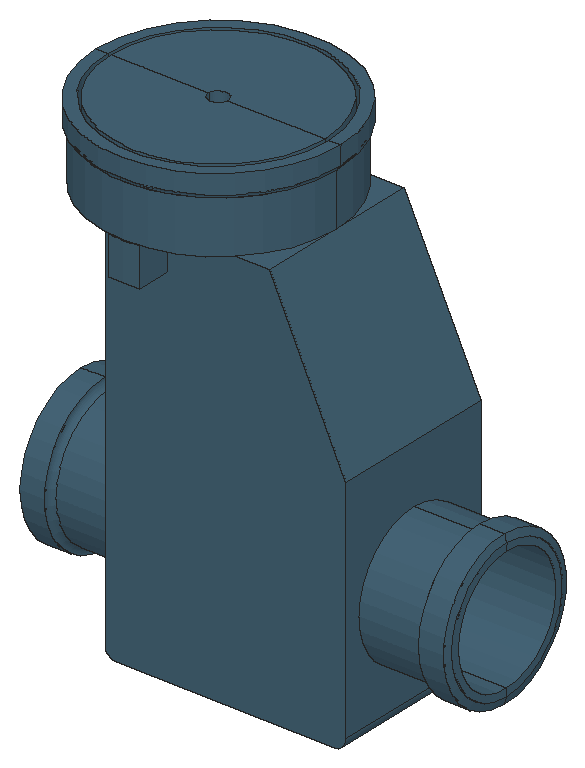
Revit family "Backwater-Valve_Zurn-Z1088", category Plumbing Fixtures, Revit 2022
Family settings
  Round Connector Dimension = Use Radius
  Part Type = Normal
  OmniClass Number = 23.45.55.21
  OmniClass Title = Drains (Wastes)
  Work Plane-Based = No
  Always vertical = Yes
  Cut with Voids When Loaded = No
  Maintain Annotation Orientation = No
  Shared = No
  Room Calculation Point = No
Parameters (values of type "Z1088_4 HB X 4 HB")
  Width = DIM_C - 2.500"  # 5.500"
  Waste Connection = 1 = 1  # yes
  WFU = 1  # constant formula
  Vent Connection = 1 = 0  # no
  URL = "http://zurn.com"
  Top Slot Outer Diamter = DIM_C - 0.750"  # 7.250"
  Top Slot Inside Diamter = Top Slot Outer Diamter - 0.250"  # 7.000"
  Product data url = "https://www.bimobject.com/en-in/zurnindustries/product/zurn-z1088"
  Product Page URL = "https://www.zurn.com/products/drainage-interceptors/backwater-valves-traps-primers/z1088"
  Product Installation Sheet URL = "https://files.zurn.com/care-cleaning-install-warranty-sheets/t4-(1).pdf"
  Product Documentation Link = "https://files.zurn.com/spec-sheets/z1088.pdf"
  Pipe Size_A Outer Diameter = 4.500"
  Pipe Size_A Inside Diameter = 4.026"
  Hub-Right = yes
  Hub-Left = yes
  Hub Outer Diamter = 5.000"
  DIM_M/2 = DIM_M / 2  # 7.875"
  DIM_Length_For Masking Region = 3.000"
  DIM_C_For Masking Region = DIM_C + 0.250"  # 8.250"
  DIM_C-0.25 = DIM_C - 0.250"  # 7.750"
  Approx. Weight (Lbs) = 80.000 lbf
  DIM_M = 15.750"
  DIM_E = 12.000"
  DIM_C = 8.000"
  Connector Radius = Pipe Size_A Nominal Diameter / 2  # 2.000"
  Pipe Size_A Nominal Diameter = 4.000"
  Modified Date = "02/20/2026"  # constant formula
  Model = "Z1088"  # constant formula
  Manufacturer Brand = "Zurn"  # constant formula
  Manufacturer = "Zurn Water, LLC"  # constant formula
  Main Material = Iron - Zurn - Cast - Painted - Blue
  Length (G) = 14.000"
  HWFU = 0  # constant formula
  HW Connection = 1 = 0  # no
  Description = "BACKWATER VALVE GATE TYPE"  # constant formula
  Default Elevation = 20.000"  # constant formula
  Date Created = "11/13/2018"  # constant formula
  CWFU = 0  # constant formula
  CW Connection = 1 = 0  # no
  Assembly Code = "D2040100"
Types (6): name | Width | Top Slot Outer Diamter | Top Slot Inside Diamter | Pipe Size_A Outer Diameter | Pipe Size_A Inside Diameter | Hub-Right | Hub-Left | Hub Outer Diamter | DIM_M/2 | DIM_Length_For Masking Region | DIM_C_For Masking Region | DIM_C-0.25 | Approx. Weight (Lbs) | DIM_M | DIM_E | DIM_C | Connector Radius | Pipe Size_A Nominal Diameter | Length (G)
  Z1088_4 HB X 4 HB | 5.500" | 7.250" | 7.000" | 4.500" | 4.026" | yes | yes | 5.000" | 7.875" | 3.000" | 8.250" | 7.750" | 80.000 lbf | 15.750" | 12.000" | 8.000" | 2.000" | 4.000" | 14.000"
  Z1088_6 HB X 6 HB | 8.000" | 9.750" | 9.500" | 6.625" | 6.065" | yes | yes | 7.126" | 9.500" | 3.188" | 10.750" | 10.250" | 120.000 lbf | 19.000" | 14.500" | 10.500" | 3.000" | 6.000" | 16.000"
  Z1088_4 HB X 4 NH | 5.500" | 7.250" | 7.000" | 4.500" | 4.026" | no | yes | 5.000" | 7.875" | 5.000" | 8.250" | 7.750" | 80.000 lbf | 15.750" | 12.000" | 8.000" | 2.000" | 4.000" | 18.000"
  Z1088_6 HB X 6 NH | 8.000" | 9.750" | 9.500" | 6.625" | 6.065" | no | yes | 7.126" | 9.500" | 5.188" | 10.750" | 10.250" | 120.000 lbf | 19.000" | 14.500" | 10.500" | 3.000" | 6.000" | 20.000"
  Z1088_4 NH X 4 NH | 5.500" | 7.250" | 7.000" | 4.500" | 4.026" | no | no | 5.000" | 7.875" | 5.000" | 8.250" | 7.750" | 80.000 lbf | 15.750" | 12.000" | 8.000" | 2.000" | 4.000" | 18.000"
  Z1088_6 NH X 6 NH | 8.000" | 9.750" | 9.500" | 6.625" | 6.065" | no | no | 7.126" | 9.500" | 3.188" | 10.750" | 10.250" | 120.000 lbf | 19.000" | 14.500" | 10.500" | 3.000" | 6.000" | 16.000"
Reference planes (in)
  plane 1 "Center (Front/Back)": y = 0
  plane 2 "01": z = -2.5
  plane 3 "Center (Left/Right)": x = -2.78775
  plane 4 "Front": y = -7.5
  plane 5 "Back": y = 7.5
  plane 6: z = 0
  plane 7: x = -6.78775
  plane 8: x = 1.21225
  plane 9: z = -0.5
  plane 10: z = -0.625
  plane 11: x = -3.10025
  plane 12: x = -2.47525
  plane 13: x = 1.08725
  plane 14: x = -4.53775
  plane 15: x = -6.66275
  plane 16: z = -15.75
  plane 17: z = -7.875
  plane 18: y = 2.75
  plane 19: y = -2.75
  plane 20: z = -12
  plane 21 "Left Plane": x = -7.34975
  plane 22 "Right Plane": x = 6.65025
  plane 23: x = -0.34975
  plane 24: x = 3.58775
  plane 25: x = -4.28725
  plane 26: x = -6.47475
  plane 27: z = -9.987
  plane 28: z = -14.013
  plane 29: z = -9.75
  plane 30: z = -14.25
  plane 31: z = -2.1875
  plane 32: z = -9.5
  plane 33: z = -3.75
  plane 34: y = -0.5
  plane 35: y = 0.5
  plane 36: x = -3.28775
  plane 37: x = -2.28775
  plane 38: y = -1.5
  plane 39: y = 1.5
  plane 40: x = 5.77525
  plane 41: x = 0.71225
  plane 42: x = -6.28775
  plane 43: x = -6.41275
  plane 44: x = 0.83725
  plane 45: y = -2.25
  plane 46: y = 2.25
  plane 47: x = -7.34975
  plane 48: x = 6.65025
  plane 49: x = 3.58775
  plane 50: z = -18.0625
  plane 51: y = 2.5
  plane 52: y = -2.5
  plane 53: x = 3.65025
  plane 54: x = -7.34975
  plane 55: x = 6.65025
Forms (in)
  Revolve 1, solid, material "Iron - Zurn - Cast - Painted - Blue" <- "Main Material", detail levels fine
    sketch origin (-0.99703, 0, 0) x (1, 0, 0) y (0, 0, 1)
      loop
        line (-1.47822, 0) -> (-1.47822, -0.5) -> (-1.79072, -0.5) -> (-1.79072, -2.5) -> (2.08428, -2.5) -> (2.08428, -0.77773)
        arc (2.08428, -0.77773) -> (2.12845, -0.68636) -> (2.20928, -0.625) r 0.21735
        line (2.20928, -0.625) -> (2.20928, 0) -> (-1.47822, 0)
      axis (-1.79072, 0) -> (-1.79072, -2.5)
    angle from 0 to 360
  Extrusion 2, solid, material "Iron - Zurn - Cast - Painted - Blue" <- "Main Material", detail levels fine
    sketch origin (0, 0, 0) x (1, 0, 0) y (0, 0, 1)
      loop
        line (-4.28725, -2.5) -> (-4.28725, -15.375)
        arc (-4.28725, -15.375) -> (-4.17742, -15.64017) -> (-3.91225, -15.75) r 0.375
        line (-3.91225, -15.75) -> (3.21275, -15.75)
        arc (3.21275, -15.75) -> (3.47791, -15.64017) -> (3.58775, -15.375) r 0.375
        line (3.58775, -15.375) -> (3.58775, -7.875) -> (1.08725, -2.5) -> (-4.28725, -2.5)
    from -2.75 to 2.75
  Revolve 3, solid, material "Iron - Zurn - Cast - Painted - Blue" <- "Main Material", detail levels fine
    sketch origin (0, 0, 0) x (1, 0, 0) y (0, 0, 1)
      loop
        line (-7.34975, -9.75) -> (-7.34975, -9.987) -> (6.65025, -9.987) -> (6.65025, -9.75) -> (-7.34975, -9.75)
      axis (-7.34975, -12) -> (6.65025, -12)
    angle from 0 to 360
  Revolve 4, solid, material "Iron - Zurn - Cast - Painted - Blue" <- "Main Material", visible <- "Hub-Left", detail levels fine
    sketch origin (0, 0, 0) x (1, 0, 0) y (0, 0, 1)
      loop
        line (-7.27332, -9.5) -> (-7.34975, -9.75) -> (-6.30493, -9.75)
        arc (-6.30493, -9.75) -> (-6.43189, -9.65357) -> (-6.47475, -9.5) r 0.25
        line (-6.47475, -9.5) -> (-7.27332, -9.5)
      axis (-7.34975, -12) -> (-6.30493, -12)
    angle from 0 to 360
  Extrusion 5, solid, material "Iron - Zurn - Cast - Painted - Blue" <- "Main Material", detail levels fine
    sketch origin (0, 0, -2.5) x (1, 0, 0) y (0, 1, 0)
      loop
        line (-4.28725, -0.5) -> (-4.28725, 0.5) -> (-6.63036, 0.5)
        arc (-6.63036, 0.5) -> (-6.66275, 0) -> (-6.63036, -0.5) r 3.875
        line (-6.63036, -0.5) -> (-4.28725, -0.5)
      loop
        line (-3.28775, 1.5) -> (-2.28775, 1.5) -> (-2.28775, 3.84311)
        arc (-2.28775, 3.84311) -> (-2.78775, 3.8755) -> (-3.28775, 3.84311) r 3.875
        line (-3.28775, 3.84311) -> (-3.28775, 1.5)
      loop
        line (-3.28775, -1.5) -> (-3.28775, -3.84311)
        arc (-3.28775, -3.84311) -> (-2.78775, -3.8755) -> (-2.28775, -3.84311) r 3.875
        line (-2.28775, -3.84311) -> (-2.28775, -1.5) -> (-3.28775, -1.5)
    from 0 to -1.25
  Revolve 6, solid, material "Iron - Zurn - Cast - Painted - Blue" <- "Main Material", visible <- "Hub-Right", detail levels fine
    sketch origin (0, 0, 0) x (1, 0, 0) y (0, 0, 1)
      loop
        line (6.57382, -9.5) -> (5.77525, -9.5)
        arc (5.77525, -9.5) -> (5.73239, -9.65357) -> (5.60542, -9.75) r 0.25
        line (5.60542, -9.75) -> (6.65025, -9.75) -> (6.57382, -9.5)
      axis (5.60542, -12) -> (6.65025, -12)
    angle from 0 to 360
  Revolve 7, void
    sketch origin (0, 0, 0) x (1, 0, 0) y (0, 0, 1)
      loop
        line (0.71225, 0) -> (0.71225, -2.1875) -> (0.83725, -2.1875) -> (0.83725, 0) -> (0.71225, 0)
      axis (-2.78775, 0) -> (-2.78775, -2.1875)
    angle from 0 to 360
Cuts and joins
  Revolve 7 cuts Revolve 1
Lines and regions (in)
  Masking region 1, detail levels fine
    outline origin (0, 0, 0) x (1, 0, 0) y (0, 1, 0)
      loop
        arc (0.28684, 2.75) -> (-2.94988, 4.12181) -> (-6.06885, 2.5) r 4.125
        line (-6.06885, 2.5) -> (-7.34975, 2.5) -> (-7.34975, -2.5) -> (-6.06885, -2.5)
        arc (-6.06885, -2.5) -> (-2.94988, -4.12181) -> (0.28684, -2.75) r 4.125
        line (0.28684, -2.75) -> (3.64975, -2.75) -> (3.64975, -2.5) -> (6.65025, -2.5) -> (6.65025, 2.5) -> (3.64975, 2.5) -> (3.64975, 2.75) -> (0.28684, 2.75)
  model lines, detail levels coarse+medium
    curve 1: circle (-2.78775, 0, 0) r 4 normal (0, 0, 1)
    curve 2: circle (-2.78775, 0, 0) r 3.625 normal (0, 0, 1)
    curve 3: line (-2.78775, 0, 0) -> (-2.78775, 0, -12)
    curve 4: line (-7.34975, 0, -12) -> (6.65025, 0, -12)
    curve 5: line (-7.34975, 2.25, -12) -> (-7.34975, -2.25, -12)
    curve 6: line (-7.34975, 0, -9.75) -> (-7.34975, 0, -14.25)
    curve 7: line (6.65025, -2.25, -12) -> (6.65025, 2.25, -12)
    curve 8: line (6.65025, 0, -9.75) -> (6.65025, 0, -14.25)
Dimensions and locks (in)
  equal spacing: plane 4 "Front", plane 1 "Center (Front/Back)", plane 5 "Back"
  locked: plane 4 "Front" to plane 5 "Back" at 15
  locked: level to plane 2 "01" at 2.5
  equal spacing: plane 7, plane 3 "Center (Left/Right)", plane 8
  "DIM_C": plane 7 to plane 8
  locked: level to plane 9 at 0.5
  locked: level to plane 10 at 0.625
  locked: plane 3 "Center (Left/Right)" to plane 11 at 0.3125
  locked: plane 12 to plane 3 "Center (Left/Right)" at 0.3125
  locked: plane 15 to plane 14 at 2.125
  "DIM_M": level to plane 16
  "DIM_M/2": plane 17 to plane 16
  equal spacing: plane 18, plane 1 "Center (Front/Back)", plane 19
  "Width": plane 18 to plane 19
  "DIM_E": level to plane 20
  locked: plane 23 to plane 3 "Center (Left/Right)" at 2.438
  locked: Extrusion 2 sketch curve to Extrusion 2 sketch curve at 0.375  (x3)
  Extrusion 2 sketch curve to Extrusion 2 sketch curve = 0.375"
  equal spacing: plane 22 "Right Plane", plane 23, plane 21 "Left Plane"
  "Length (G)": plane 22 "Right Plane" to plane 21 "Left Plane"
  locked: plane 26 to plane 21 "Left Plane" at 0.875
  equal spacing: plane 27, plane 20, plane 28
  "Pipe Size_A Inside Diameter": plane 27 to plane 28
  equal spacing: plane 25, plane 23, plane 24
  "DIM_M/2": plane 25 to plane 24
  equal spacing: plane 29, plane 20, plane 30
  "Pipe Size_A Outer Diameter": plane 29 to plane 30
  locked: plane 31 to plane 2 "01" at 0.3125
  locked: plane 32 to plane 29 at 0.25
  locked: plane 32 to Revolve 4 sketch curve at 0.01309
  locked: Revolve 4 sketch curve to plane 26 at 0.24966
  locked: level to plane 33 at 3.75
  locked: plane 1 "Center (Front/Back)" to plane 34 at 0.5
  locked: plane 35 to plane 1 "Center (Front/Back)" at 0.5
  "DIM_C-0.25": plane 15 to plane 13
  equal spacing: plane 15, plane 3 "Center (Left/Right)", plane 13
  plane 34 to plane 1 "Center (Front/Back)" to plane 35 = 0.500", 0.500"
  locked: plane 3 "Center (Left/Right)" to plane 37 at 0.5
  locked: plane 36 to plane 3 "Center (Left/Right)" at 0.5
  Extrusion 2 to plane 3 "Center (Left/Right)" = 1.4995"
  locked: plane 38 to plane 1 "Center (Front/Back)" at 1.5
  locked: plane 1 "Center (Front/Back)" to plane 39 at 1.5
  locked: plane 22 "Right Plane" to plane 40 at 0.875
  locked: plane 40 to Revolve 6 sketch curve at 0.24966
  locked: plane 32 to Revolve 6 sketch curve at 0.01309
  equal spacing: plane 44, plane 3 "Center (Left/Right)", plane 43
  "Top Slot Outer Diamter": plane 44 to plane 43
  equal spacing: plane 41, plane 3 "Center (Left/Right)", plane 42
  "Top Slot Inside Diamter": plane 41 to plane 42
  equal spacing: plane 46, plane 1 "Center (Front/Back)", plane 45
  "Pipe Size_A Outer Diameter": plane 46 to plane 45
  equal spacing: plane 47, plane 23, plane 48
  "Length (G)": plane 47 to plane 48
  equal spacing: plane 52, plane 1 "Center (Front/Back)", plane 51
  "Hub Outer Diamter": plane 51 to plane 52
  equal spacing: plane 54, plane 23, plane 55
  "Length (G)": plane 54 to plane 55
  "DIM_Length_For Masking Region": plane 53 to plane 55
  diameter of Extrusion 5 = 7.750"  (x3)
  "DIM_C": diameter of curve 1
  "Top Slot Outer Diamter": diameter of curve 2
  "DIM_C_For Masking Region": diameter of Masking region 1 sketch curve  (x2)
  locked: Revolve 4 sketch curve to plane 21 "Left Plane" (angle 17.00°)
  locked: plane 22 "Right Plane" to Revolve 6 sketch curve (angle 17.00°)
  aligned and locked: level to plane 6
  aligned and locked: Revolve 1 sketch curve to plane 3 "Center (Left/Right)"
  aligned and locked: Revolve 1 sketch curve to plane 12
  aligned and locked: plane 9 to Revolve 1 sketch curve
  aligned and locked: Revolve 1 sketch curve to Revolve 1 sketch curve
  aligned and locked: Revolve 1 sketch curve to plane 2 "01"
  aligned and locked: Revolve 1 sketch curve to level
  aligned and locked: Revolve 1 sketch curve to plane 13
  aligned and locked: plane 10 to Revolve 1 sketch curve
  aligned and locked: plane 13 to Revolve 1 sketch curve
  aligned and locked: Extrusion 2 to plane 16
  aligned and locked: Extrusion 2 sketch curve to plane 2 "01"
  aligned and locked: Extrusion 2 to plane 18
  aligned and locked: plane 19 to Extrusion 2
  aligned and locked: Extrusion 2 sketch curve to plane 25
  aligned and locked: plane 16 to Extrusion 2 sketch curve
  aligned and locked: plane 2 "01" to Extrusion 2 sketch curve
  aligned and locked: plane 24 to Extrusion 2 sketch curve
  aligned and locked: Revolve 1 sketch curve to plane 8
  aligned and locked: plane 17 to Extrusion 2 sketch curve
  aligned and locked: plane 13 to Extrusion 2 sketch curve
  aligned and locked: Revolve 3 sketch curve to plane 29
  aligned and locked: plane 21 "Left Plane" to Revolve 3 sketch curve
  aligned and locked: plane 27 to Revolve 3 sketch curve
  aligned and locked: Revolve 3 sketch curve to plane 20
  aligned and locked: Revolve 3 sketch curve to plane 22 "Right Plane"
  aligned and locked: Revolve 4 sketch curve to plane 20
  aligned and locked: Revolve 4 sketch curve to plane 32
  aligned and locked: plane 21 "Left Plane" to Revolve 4 sketch curve
  aligned and locked: plane 32 to Revolve 4 sketch curve
  aligned and locked: plane 29 to Revolve 4 sketch curve
  aligned and locked: plane 33 to Extrusion 5
  aligned and locked: Extrusion 5 sketch curve to plane 34
  aligned and locked: plane 35 to Extrusion 5 sketch curve
  aligned and locked: plane 1 "Center (Front/Back)" to Extrusion 5 sketch curve
  aligned and locked: plane 3 "Center (Left/Right)" to Extrusion 5 sketch curve
  aligned and locked: plane 36 to Extrusion 5 sketch curve
  aligned and locked: Extrusion 5 sketch curve to plane 37
  aligned and locked: plane 39 to Extrusion 5 sketch curve
  aligned and locked: Extrusion 5 sketch curve to plane 36
  aligned and locked: plane 38 to Extrusion 5 sketch curve
  aligned and locked: plane 37 to Extrusion 5 sketch curve
  aligned and locked: Revolve 6 sketch curve to plane 20
  aligned and locked: plane 32 to Revolve 6 sketch curve  (x2)
  aligned and locked: plane 22 "Right Plane" to Revolve 6 sketch curve
  aligned and locked: Revolve 6 sketch curve to plane 29
  aligned and locked: plane 40 to Revolve 6 sketch curve
  aligned and locked: plane 41 to Revolve 7 sketch curve
  aligned and locked: Revolve 7 sketch curve to plane 44
  aligned and locked: plane 31 to Revolve 7 sketch curve
  aligned and locked: Revolve 7 sketch curve to level
  aligned and locked: Revolve 7 sketch curve to plane 3 "Center (Left/Right)"
  aligned and locked: plane 1 "Center (Front/Back)" to curve 1
  aligned and locked: plane 3 "Center (Left/Right)" to curve 1
  aligned and locked: plane 1 "Center (Front/Back)" to curve 2
  aligned and locked: plane 3 "Center (Left/Right)" to curve 2
  aligned and locked: level to curve 3
  aligned and locked: plane 20 to curve 3
  aligned and locked: curve 3 to plane 3 "Center (Left/Right)"
  aligned and locked: plane 21 "Left Plane" to curve 4
  aligned and locked: plane 22 "Right Plane" to curve 4
  aligned and locked: curve 4 to plane 20
  aligned and locked: plane 29 to curve 6
  aligned and locked: plane 30 to curve 6
  aligned and locked: curve 6 to plane 1 "Center (Front/Back)"
  aligned and locked: plane 46 to curve 5
  aligned and locked: plane 45 to curve 5
  aligned and locked: curve 5 to plane 20
  aligned and locked: plane 45 to curve 7
  aligned and locked: plane 46 to curve 7
  aligned and locked: curve 7 to plane 20
  aligned and locked: plane 29 to curve 8
  aligned and locked: plane 30 to curve 8
  aligned and locked: plane 1 "Center (Front/Back)" to curve 8
  aligned and locked: plane 3 "Center (Left/Right)" to Masking region 1 sketch curve  (x2)
  aligned and locked: plane 47 to Masking region 1 sketch curve
  aligned and locked: Masking region 1 sketch curve to plane 48
  aligned and locked: plane 18 to Masking region 1 sketch curve
  aligned and locked: Masking region 1 sketch curve to plane 19
  aligned and locked: Masking region 1 sketch curve to plane 51  (x2)
  aligned and locked: plane 52 to Masking region 1 sketch curve  (x2)
  aligned and locked: curve 4 to Masking region 1 sketch curve
  aligned and locked: plane 1 "Center (Front/Back)" to Masking region 1 sketch curve
  aligned and locked: plane 55 to Masking region 1
  aligned and locked: plane 51 to Masking region 1
  aligned and locked: plane 53 to Masking region 1  (x2)
Automatic sketch dimensions
  plane 8 to Revolve 1 sketch curve = 0.08736"
  Revolve 1 sketch curve to Revolve 1 sketch curve = 0.19902"
  Revolve 1 sketch curve to plane 16 = 0.09495"
  level to Revolve 1 sketch curve = 15.7001"
  Revolve 3 sketch curve to plane 21 "Left Plane" = 1.16752"
  plane 22 "Right Plane" to Revolve 3 sketch curve = 6.68844"
  Revolve 4 sketch curve to plane 26 = 0.000"
  Revolve 4 sketch curve to plane 21 "Left Plane" = 1.16752"
  plane 22 "Right Plane" to Revolve 4 sketch curve = 6.68844"
  Extrusion 5 sketch curve to plane 3 "Center (Left/Right)" = 0.000"  (x2)
  Extrusion 5 sketch curve to plane 15 = 0.03239"
  plane 19 to Extrusion 5 sketch curve = 1.09311"
  plane 1 "Center (Front/Back)" to Extrusion 5 sketch curve = 0.0005"
  Extrusion 5 sketch curve to Extrusion 5 sketch curve = 0.0005"
  Extrusion 5 sketch curve to plane 18 = 1.09311"
  Revolve 6 sketch curve to plane 21 "Left Plane" = 1.16752"
  plane 22 "Right Plane" to Revolve 6 sketch curve = 6.68844"
  Extrusion 5 sketch curve to plane 25 = 0.000"
  Revolve 7 sketch curve to plane 16 = 17.81106"
  level to Revolve 7 sketch curve = 10.62247"
  Masking region 1 sketch curve to plane 24 = 0.062"  (x2)
Connectors (in)
  piping at (6.65025, 0, -12), diameter 4, driven by "Connector Radius", driven by "Waste Connection"
    settings: on Revolve 3, index 1, connector inside diameter 24", connector length 0.000", flow factor 0, pipe flow 0 GPM, pressure drop 0.00 psi, fitting loss kfactor 0, connector angle 0.00°, fixture units 0, engagement length 0.000", angle of deflection 0.00°, flow configuration 0, flow direction 1, fitting loss method 0, system type 16, joint type 0, gender type 0, connector reference index -1, connector utility 1, adjustable connector no, is connector primary yes, connector description "Sanitary Inlet"
  piping at (-7.34975, 0, -12), diameter 4, driven by "Connector Radius", driven by "Waste Connection"
    settings: on Revolve 3, index 2, connector inside diameter 24", connector length 0.000", flow factor 0, pipe flow 0 GPM, pressure drop 0.00 psi, fitting loss kfactor 0, connector angle 0.00°, fixture units 0, engagement length 0.000", angle of deflection 0.00°, flow configuration 0, flow direction 2, fitting loss method 0, system type 16, joint type 0, gender type 0, connector reference index -1, connector utility 1, adjustable connector no, is connector primary no, connector description "Sanitary Outlet"
